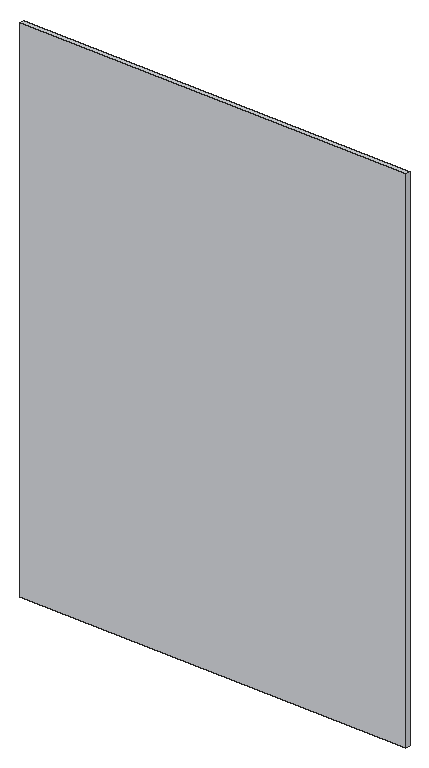
Revit family "Fence panel", category Generic Models, Revit 2021
Family settings
  Can host rebar = No
  Round Connector Dimension = Use Diameter
  Part Type = Normal
  Work Plane-Based = No
  Always vertical = Yes
  Cut with Voids When Loaded = No
  Shared = No
  Room Calculation Point = No
Parameters
  Panel width [instance] = 734.548 mm
  Panel height = 1030.342 mm
  Panel elevation = 50 mm
  Fence panel = none
  Default Elevation = 0 mm
Reference planes
  plane 1 "Center (Front/Back)": y = 0
  plane 2: z = 0
  plane 3 "Left": x = 0
  plane 4 "Right": x = 734.548
  plane 5 "Top": z = 1030.342
  plane 6 "Center L/S": z = 50
Forms (mm)
  Extrusion 1, solid, material <- "Fence panel"
    sketch origin (0, 0, 0) x (1, 0, 0) y (0, 0, 1)
      loop
        line (0, 1030.342) -> (0, 50) -> (734.548, 50) -> (734.548, 1030.342) -> (0, 1030.342)
    from -5 to 5
Dimensions and locks
  "Panel width": plane 3 "Left" to plane 4 "Right"
  "Panel height": plane 5 "Top" to level
  "Panel elevation": plane 6 "Center L/S" to plane 2
  aligned and locked: level to plane 2
  aligned and locked: plane 6 "Center L/S" to Extrusion 1 sketch curve
  aligned and locked: plane 3 "Left" to Extrusion 1 sketch curve
  aligned and locked: plane 4 "Right" to Extrusion 1 sketch curve
  aligned and locked: Extrusion 1 sketch curve to plane 5 "Top"
